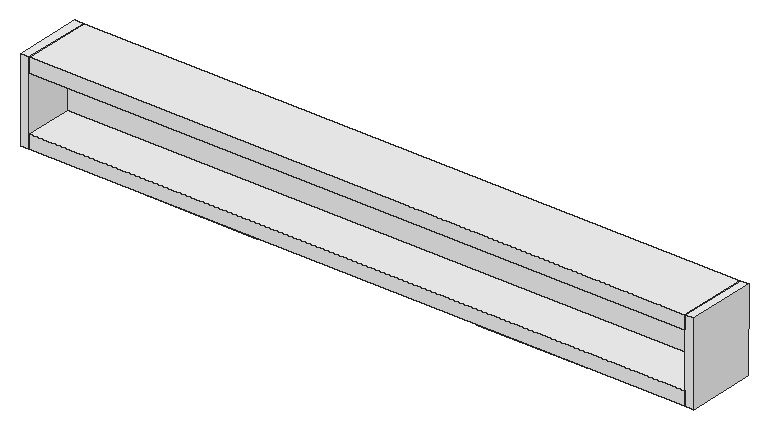
Revit family "70L-W-ID", category Lighting Fixtures, host Face, Revit 2021
Family settings
  Host = Face
  Round Connector Dimension = Use Diameter
  Part Type = Normal
  OmniClass Number = 23.80.70.14.21
  OmniClass Title = Street and Roadway Lighting
  Cut with Voids When Loaded = No
  Light Source = Yes
  Shared = Yes
  Room Calculation Point = No
Parameters (values of type "70L-W-ID-02")
  zz Length 2 = zz Length 1 - 12.000"  # 12.000"
  zz Length 1 = 24.000"
  Watts = 25 W
  Wattage Comments = ""
  Wattage = 106.5 W
  built-in parameter 1150110 = 1 (stored number, unit not read)
  Voltage = 120 V
  URL = "https://www.currentlighting.com/litecontrol"
  Type Comments = "Lighting Fixtures"  # constant formula
  built-in parameter 1114217 = 1 (stored number, unit not read)
  Tilt Angle = -90.00°  # constant formula
  built-in parameter 1150109 = 1 (stored number, unit not read)
  built-in parameter 1150134 = (empty or 0)
  built-in parameter 1150113 = 1 (stored number, unit not read)
  Product Page URL = ""
  Product Material = White
  Product Documentation Link = ""
  Power Factor = 1
  Photometric Web Link = ""
  Photometric Web File = "70L-X-ID-STD-4-CX-35K-I030-D030-ECC.ies"
  Photometric Note = "More Photometric Web Files dowload in the Web link"  # constant formula
  Model = "Nelo 70L"  # constant formula
  Manufacturer = "Litecontrol"  # constant formula
  built-in parameter 1150105 = -5126353.4 (stored number, unit not read)
  Lumens = 12247.5 lm
  built-in parameter 1150115 = 1 (stored number, unit not read)
  Load Classification = Lighting
  built-in parameter 1150137 = (empty or 0)
  built-in parameter 1150139 = (empty or 0)
  built-in parameter 1150112 = 1 (stored number, unit not read)
  built-in parameter 1150114 = 1 (stored number, unit not read)
  Lamp = "LED"  # constant formula
  built-in parameter 1150132 = (empty or 0)
  built-in parameter 1150102 = (empty or 0)
  built-in parameter 1150107 = 3107 (stored number, unit not read)
  built-in parameter 1150138 = (empty or 0)
  built-in parameter 1150106 = -51263.5 (stored number, unit not read)
  Glass = Glass -  White
  Features = " Variable Intensity technology provides a range of specifiable outputs and \r\nresulting fixture wattages\r\n•  1200 lumens max. See performance data table on page 4 for additional \r\ninformation\r\n•  80 & 90 CRI (30, 35, 40K); Warm Dim (30-22K), Tunable White (27-65K & 27-50K)"  # constant formula
  Emit from Line Length = zz Length 1 - 1.000"  # 23.000"
  built-in parameter 1150104 = 10.684 (stored number, unit not read)
  Dimming Lamp Color Temperature Shift = <None>
  Description = "Open Aperture Recessed Direct"  # constant formula
  Default Elevation = 48.000"
  Contact Us = ""
  Color Filter = 16777215
  built-in parameter 1114218 = 1 (stored number, unit not read)
  built-in parameter 1150133 = 10 (stored number, unit not read)
  Assembly Code = "D5020200"
  Apparent Load = Watts / Power Factor  # 25 VA
Types (7): name | zz Length 2 | zz Length 1 | Emit from Line Length
  (no name) | 12.000" | 24.000" | 23.000"
  70L-W-ID-02 | 12.000" | 24.000" | 23.000"
  70L-W-ID-03 | 24.000" | 36.000" | 35.000"
  70L-W-ID-04 | 36.000" | 48.000" | 47.000"
  70L-W-ID-05 | 48.000" | 60.000" | 59.000"
  70L-W-ID-06 | 60.000" | 72.000" | 71.000"
  70L-W-ID-08 | 84.000" | 96.000" | 95.000"
Reference planes (in)
  plane 1 "Center (Front/Back)": y = 0
  plane 2: z = 0
  plane 3 "Center (Left/Right)": x = 0
  plane 4: x = 12
  plane 5: x = -12
  plane 6: y = -1.5
  plane 7: y = 1.5
  plane 8: z = 13.75
  plane 9: x = 12.313
  plane 10: x = -12.313
  plane 11: x = -11
  plane 12: x = 11
  plane 13: z = 0.375
  plane 14: x = 6
  plane 15: x = -6
  plane 16: x = 3.75
  plane 17: x = 8.25
  plane 18: x = -8.25
  plane 19: x = -3.75
Forms (in)
  Extrusion 1, solid, material "White" <- "Product Material"
    sketch origin (0, 0, -11.25) x (0, 1, 0) y (0, 0, 1)
      loop
        line (-1.25, 14.625) -> (-1.25, 14.125) -> (0.5, 14.125) -> (0.5, 13.125) -> (0.5, 12.125) -> (-1.25, 12.125) -> (-1.25, 11.625) -> (1.25, 11.625) -> (1.25, 14.625) -> (-1.25, 14.625)
    from -12 to 12
  Extrusion 2, solid, material "White" <- "Product Material"
    sketch origin (0, 0, -11.25) x (0, 1, 0) y (0, 0, 1)
      loop
        line (1.25, 11.625) -> (1.25, 14.625) -> (-1.25, 14.625) -> (-1.25, 11.625) -> (1.25, 11.625)
    from 12 to 12.313
  Extrusion 3, solid, material "White" <- "Product Material"
    sketch origin (0, 0, -11.25) x (0, 1, 0) y (0, 0, -1)
      loop
        line (1.25, -11.625) -> (-1.25, -11.625) -> (-1.25, -14.625) -> (1.25, -14.625) -> (1.25, -11.625)
    from 12 to 12.313
  Extrusion 4, solid, material "White" <- "Product Material"
    sketch origin (0, 0, 0) x (1, 0, 0) y (0, 1, 0)
      loop
        arc (-7.95, 0.75) -> (-8.16213, 0.66213) -> (-8.25, 0.45) r 0.3
        line (-8.25, 0.45) -> (-8.25, -0.45)
        arc (-8.25, -0.45) -> (-8.16213, -0.66213) -> (-7.95, -0.75) r 0.3
        line (-7.95, -0.75) -> (-4.05, -0.75)
        arc (-4.05, -0.75) -> (-3.83787, -0.66213) -> (-3.75, -0.45) r 0.3
        line (-3.75, -0.45) -> (-3.75, 0.45)
        arc (-3.75, 0.45) -> (-3.83787, 0.66213) -> (-4.05, 0.75) r 0.3
        line (-4.05, 0.75) -> (-7.95, 0.75)
      loop
        arc (-7.56805, 0.16105) -> (-7.6529, 0.1259) -> (-7.68805, 0.04105) r 0.12
        line (-7.68805, 0.04105) -> (-7.68805, -0.04105)
        arc (-7.68805, -0.04105) -> (-7.6529, -0.1259) -> (-7.56805, -0.16105) r 0.12
        line (-7.56805, -0.16105) -> (-7.21913, -0.16105)
        arc (-7.21913, -0.16105) -> (-7.13428, -0.1259) -> (-7.09913, -0.04105) r 0.12
        line (-7.09913, -0.04105) -> (-7.09913, 0.04105)
        arc (-7.09913, 0.04105) -> (-7.13428, 0.1259) -> (-7.21913, 0.16105) r 0.12
        line (-7.21913, 0.16105) -> (-7.56805, 0.16105)
      loop
        line (-4.43195, 0.16105) -> (-4.78087, 0.16105)
        arc (-4.78087, 0.16105) -> (-4.86572, 0.1259) -> (-4.90087, 0.04105) r 0.12
        line (-4.90087, 0.04105) -> (-4.90087, -0.04105)
        arc (-4.90087, -0.04105) -> (-4.86572, -0.1259) -> (-4.78087, -0.16105) r 0.12
        line (-4.78087, -0.16105) -> (-4.43195, -0.16105)
        arc (-4.43195, -0.16105) -> (-4.3471, -0.1259) -> (-4.31195, -0.04105) r 0.12
        line (-4.31195, -0.04105) -> (-4.31195, 0.04105)
        arc (-4.31195, 0.04105) -> (-4.3471, 0.1259) -> (-4.43195, 0.16105) r 0.12
      loop
        line (-6.55056, 0.36906) -> (-6.55056, -0.38094) -> (-5.44944, -0.38094) -> (-5.44944, 0.36906) -> (-6.55056, 0.36906)
    from 0 to 0.375
  Extrusion 5, solid, material "White" <- "Product Material"
    sketch origin (0, 0, 0) x (-1, 0, 0) y (0, -1, 0)
      loop
        line (-7.95, -0.75) -> (-4.05, -0.75)
        arc (-4.05, -0.75) -> (-3.83787, -0.66213) -> (-3.75, -0.45) r 0.3
        line (-3.75, -0.45) -> (-3.75, 0.45)
        arc (-3.75, 0.45) -> (-3.83787, 0.66213) -> (-4.05, 0.75) r 0.3
        line (-4.05, 0.75) -> (-7.95, 0.75)
        arc (-7.95, 0.75) -> (-8.16213, 0.66213) -> (-8.25, 0.45) r 0.3
        line (-8.25, 0.45) -> (-8.25, -0.45)
        arc (-8.25, -0.45) -> (-8.16213, -0.66213) -> (-7.95, -0.75) r 0.3
      loop
        line (-7.56805, -0.16105) -> (-7.21913, -0.16105)
        arc (-7.21913, -0.16105) -> (-7.13428, -0.1259) -> (-7.09913, -0.04105) r 0.12
        line (-7.09913, -0.04105) -> (-7.09913, 0.04105)
        arc (-7.09913, 0.04105) -> (-7.13428, 0.1259) -> (-7.21913, 0.16105) r 0.12
        line (-7.21913, 0.16105) -> (-7.56805, 0.16105)
        arc (-7.56805, 0.16105) -> (-7.6529, 0.1259) -> (-7.68805, 0.04105) r 0.12
        line (-7.68805, 0.04105) -> (-7.68805, -0.04105)
        arc (-7.68805, -0.04105) -> (-7.6529, -0.1259) -> (-7.56805, -0.16105) r 0.12
      loop
        arc (-4.43195, -0.16105) -> (-4.3471, -0.1259) -> (-4.31195, -0.04105) r 0.12
        line (-4.31195, -0.04105) -> (-4.31195, 0.04105)
        arc (-4.31195, 0.04105) -> (-4.3471, 0.1259) -> (-4.43195, 0.16105) r 0.12
        line (-4.43195, 0.16105) -> (-4.78087, 0.16105)
        arc (-4.78087, 0.16105) -> (-4.86572, 0.1259) -> (-4.90087, 0.04105) r 0.12
        line (-4.90087, 0.04105) -> (-4.90087, -0.04105)
        arc (-4.90087, -0.04105) -> (-4.86572, -0.1259) -> (-4.78087, -0.16105) r 0.12
        line (-4.78087, -0.16105) -> (-4.43195, -0.16105)
      loop
        line (-6.55056, -0.36906) -> (-5.44944, -0.36906) -> (-5.44944, 0.38094) -> (-6.55056, 0.38094) -> (-6.55056, -0.36906)
    from 0 to 0.375
Dimensions and locks (in)
  "zz Length 1": plane 4 to plane 5
  equal spacing: plane 4, plane 3 "Center (Left/Right)", plane 5
  locked: plane 4 to plane 12 at 1
  locked: plane 9 to plane 4 at 0.313
  locked: plane 11 to plane 5 at 1
  locked: plane 5 to plane 10 at 0.313
  "zz Length 2": plane 14 to plane 15
  equal spacing: plane 14, plane 3 "Center (Left/Right)", plane 15
  plane 17 to plane 14 to plane 16 = 2.250" locked, 2.250" locked
  plane 19 to plane 15 to plane 18 = 2.250" locked, 2.250" locked
  aligned and locked: plane 2 to host face
  aligned and locked: level to host face
  aligned and locked: Extrusion 1 to plane 5
  aligned and locked: plane 4 to Extrusion 1
  aligned and locked: plane 9 to Extrusion 2
  aligned and locked: Extrusion 2 to plane 4
  aligned and locked: Extrusion 3 to plane 10
  aligned and locked: plane 5 to Extrusion 3
  aligned and locked: Extrusion 5 to plane 16
  aligned and locked: plane 17 to Extrusion 5
Automatic sketch dimensions
  host sketch curve to host sketch curve = 96.000"  (x2)
  Extrusion 1 sketch curve to plane 13 = 0.000"
  Extrusion 1 sketch curve to plane 6 = 0.250"  (x2)
  Extrusion 1 sketch curve to plane 1 "Center (Front/Back)" = 0.500"
  plane 7 to Extrusion 1 sketch curve = 0.250"
  plane 13 to Extrusion 1 sketch curve = 0.500"
  Extrusion 1 sketch curve to Extrusion 1 sketch curve = 1.000"  (x2)
  Extrusion 1 sketch curve to Extrusion 1 sketch curve = 0.500"
  Extrusion 2 sketch curve to plane 6 = 0.250"
  plane 7 to Extrusion 2 sketch curve = 0.250"
  level to Extrusion 2 sketch curve = 0.375"
  Extrusion 2 sketch curve to Extrusion 2 sketch curve = 3.000"
  Extrusion 3 sketch curve to plane 6 = 0.250"
  plane 7 to Extrusion 3 sketch curve = 0.250"
  level to Extrusion 3 sketch curve = 3.375"
  level to Extrusion 3 sketch curve = 0.375"
  Extrusion 4 sketch curve to plane 18 = 0.000"
  Extrusion 4 sketch curve to plane 19 = 0.000"
  plane 18 to Extrusion 4 sketch curve = 0.300"  (x2)
  plane 1 "Center (Front/Back)" to Extrusion 4 sketch curve = 0.04105"  (x3)
  Extrusion 4 sketch curve to Extrusion 4 sketch curve = 0.26195"
  Extrusion 4 sketch curve to Extrusion 4 sketch curve = 0.120"  (x4)
  Extrusion 4 sketch curve to Extrusion 4 sketch curve = 0.000"  (x3)
  Extrusion 4 sketch curve to Extrusion 4 sketch curve = 0.34892"  (x2)
  Extrusion 4 sketch curve to plane 1 "Center (Front/Back)" = 0.04105"  (x2)
  Extrusion 4 sketch curve to plane 15 = 0.55056"
  plane 15 to Extrusion 4 sketch curve = 0.55056"
  Extrusion 4 sketch curve to Extrusion 4 sketch curve = 0.54857"
  Extrusion 4 sketch curve to plane 19 = 0.300"  (x2)
  plane 1 "Center (Front/Back)" to Extrusion 4 sketch curve = 0.38094"
  plane 1 "Center (Front/Back)" to Extrusion 4 sketch curve = 0.450"
  Extrusion 4 sketch curve to plane 1 "Center (Front/Back)" = 0.36906"
  Extrusion 4 sketch curve to plane 1 "Center (Front/Back)" = 0.450"
  Extrusion 5 sketch curve to plane 17 = 0.000"
  Extrusion 5 sketch curve to plane 16 = 0.000"
  Extrusion 5 sketch curve to plane 17 = 0.300"  (x2)
  plane 1 "Center (Front/Back)" to Extrusion 5 sketch curve = 0.04105"  (x3)
  Extrusion 5 sketch curve to Extrusion 5 sketch curve = 0.26195"
  Extrusion 5 sketch curve to Extrusion 5 sketch curve = 0.120"  (x4)
  Extrusion 5 sketch curve to Extrusion 5 sketch curve = 0.000"  (x3)
  Extrusion 5 sketch curve to Extrusion 5 sketch curve = 0.34892"  (x2)
  Extrusion 5 sketch curve to plane 1 "Center (Front/Back)" = 0.04105"  (x2)
  plane 14 to Extrusion 5 sketch curve = 0.55056"
  Extrusion 5 sketch curve to plane 14 = 0.55056"
  Extrusion 5 sketch curve to Extrusion 5 sketch curve = 0.54857"
  Extrusion 5 sketch curve to Extrusion 5 sketch curve = 0.300"  (x2)
  Extrusion 5 sketch curve to plane 1 "Center (Front/Back)" = 0.36906"
  Extrusion 5 sketch curve to plane 1 "Center (Front/Back)" = 0.450"
  plane 1 "Center (Front/Back)" to Extrusion 5 sketch curve = 0.38094"
  plane 1 "Center (Front/Back)" to Extrusion 5 sketch curve = 0.450"
Connectors (in)
  electrical at (0, 1.25, 1.875), driven by "Apparent Load", driven by "Voltage"
    settings: on Extrusion 1, index 1, voltage 120 V, apparent load 25 VA, apparent load phase1 0 VA, apparent load phase2 0 VA, apparent load phase3 0 VA, power factor 1, load classification "Other", number of poles 1, system type 30, power factor state 1, is connector primary yes, connector utility no, sub classification motor no, connector description "Lighting Connector"
